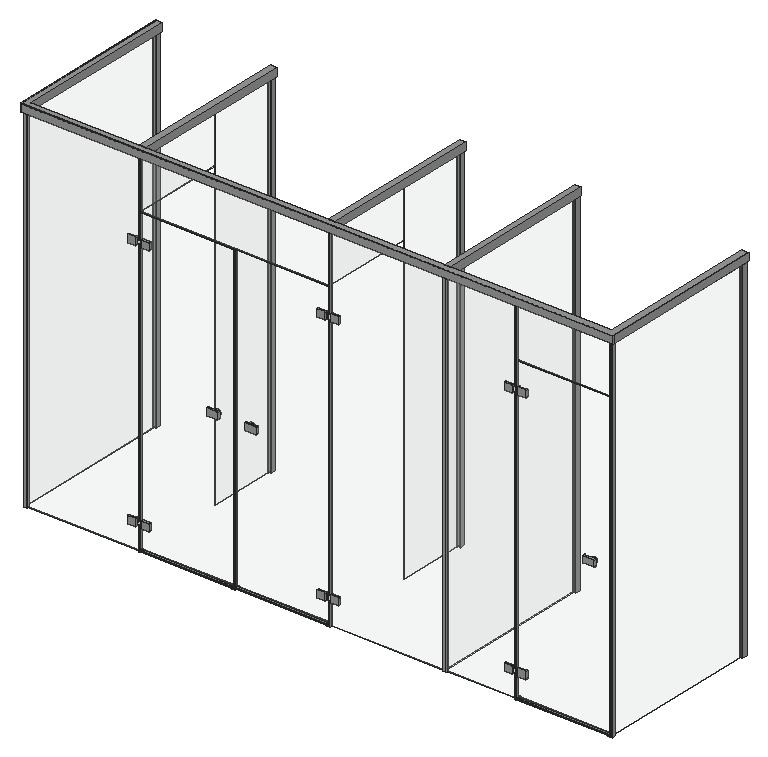
Revit family "Sanitary_Bath-screens_Modular system_Duscholux_SYSTEM210_S21-D2", category Aparatos sanitarios, Revit 2019 (continued)
Automatic sketch dimensions
  Extrusion 33 sketch curve to Extrusion 33 sketch curve = 2.5 mm  (x2)
  Extrusion 33 sketch curve to Extrusion 33 sketch curve = 1.8 mm
  plane 4 "Altura total" to Extrusion 33 sketch curve = 11.1 mm
  Extrusion 36 sketch curve to plane 4 "Altura total" = 2 mm
  plane 1 "Centro (Frontal/Posterior)" to Extrusion 37 sketch curve = 2.35 mm
  Extrusion 37 sketch curve to plane 29 "Eje inicio armario" = 13.347 mm
  plane 11 "Espesor fijos" to Extrusion 37 sketch curve = 0.2 mm  (x2)
  Extrusion 37 sketch curve to Extrusion 37 sketch curve = 0 mm
  plane 1 "Centro (Frontal/Posterior)" to Extrusion 37 sketch curve = 0.2 mm  (x2)
  Extrusion 37 sketch curve to Extrusion 37 sketch curve = 3.5 mm  (x5)
  Extrusion 37 sketch curve to plane 29 "Eje inicio armario" = 6.35 mm
  Extrusion 37 sketch curve to Extrusion 37 sketch curve = 2.15 mm  (x3)
  plane 29 "Eje inicio armario" to Extrusion 37 sketch curve = 4.2 mm
  plane 29 "Eje inicio armario" to Extrusion 37 sketch curve = 9.847 mm
  plane 11 "Espesor fijos" to Extrusion 37 sketch curve = 2.35 mm
  Extrusion 37 sketch curve to Extrusion 37 sketch curve = 3.8 mm
  plane 29 "Eje inicio armario" to Extrusion 38 sketch curve = 9.847 mm
  Extrusion 38 sketch curve to plane 30 "Eje inicio puerta 5" = 6 mm
  plane 11 "Espesor fijos" to Extrusion 39 sketch curve = 0 mm
  plane 1 "Centro (Frontal/Posterior)" to Extrusion 39 sketch curve = 0 mm
  plane 11 "Espesor fijos" to Extrusion 39 sketch curve = 1 mm
  Extrusion 39 sketch curve to plane 30 "Eje inicio puerta 5" = 11 mm
  plane 1 "Centro (Frontal/Posterior)" to Extrusion 39 sketch curve = 1 mm
  Extrusion 39 sketch curve to Extrusion 39 sketch curve = 0 mm  (x3)
  Extrusion 39 sketch curve to plane 23 = 1 mm
  Extrusion 39 sketch curve to Extrusion 39 sketch curve = 1.162 mm
  Extrusion 39 sketch curve to Extrusion 39 sketch curve = 0.209 mm
  Extrusion 39 sketch curve to Extrusion 39 sketch curve = 5 mm
  plane 1 "Centro (Frontal/Posterior)" to Extrusion 39 sketch curve = 0.5 mm
  Extrusion 39 sketch curve to Extrusion 39 sketch curve = 1 mm
  Extrusion 39 sketch curve to plane 30 "Eje inicio puerta 5" = 1.656 mm
  plane 11 "Espesor fijos" to Extrusion 39 sketch curve = 0.5 mm
  Extrusion 39 sketch curve to Extrusion 39 sketch curve = 0.256 mm  (x2)
  plane 11 "Espesor fijos" to Extrusion 40 sketch curve = 0 mm
  plane 1 "Centro (Frontal/Posterior)" to Extrusion 40 sketch curve = 0 mm
  Extrusion 40 sketch curve to plane 30 "Eje inicio puerta 5" = 11 mm
  Extrusion 40 sketch curve to Extrusion 40 sketch curve = 0 mm  (x4)
  Extrusion 40 sketch curve to plane 23 = 1 mm
  Extrusion 40 sketch curve to Extrusion 40 sketch curve = 1.162 mm
  Extrusion 40 sketch curve to Extrusion 40 sketch curve = 0.209 mm
  Extrusion 40 sketch curve to Extrusion 40 sketch curve = 5 mm
  plane 11 "Espesor fijos" to Extrusion 40 sketch curve = 0.5 mm
  Extrusion 40 sketch curve to Extrusion 40 sketch curve = 1 mm  (x2)
  Extrusion 40 sketch curve to plane 30 "Eje inicio puerta 5" = 1.656 mm
  plane 1 "Centro (Frontal/Posterior)" to Extrusion 40 sketch curve = 0.5 mm
  Extrusion 40 sketch curve to Extrusion 40 sketch curve = 0.256 mm  (x2)
  plane 11 "Espesor fijos" to Extrusion 41 sketch curve = 0 mm
  plane 1 "Centro (Frontal/Posterior)" to Extrusion 41 sketch curve = 0 mm
  Extrusion 41 sketch curve to plane 30 "Eje inicio puerta 5" = 11 mm
  Extrusion 41 sketch curve to Extrusion 41 sketch curve = 0 mm  (x4)
  Extrusion 41 sketch curve to plane 23 = 1 mm
  Extrusion 41 sketch curve to Extrusion 41 sketch curve = 1.162 mm
  Extrusion 41 sketch curve to Extrusion 41 sketch curve = 0.209 mm
  Extrusion 41 sketch curve to Extrusion 41 sketch curve = 5 mm
  plane 11 "Espesor fijos" to Extrusion 41 sketch curve = 0.5 mm
  Extrusion 41 sketch curve to Extrusion 41 sketch curve = 1 mm  (x2)
  Extrusion 41 sketch curve to plane 30 "Eje inicio puerta 5" = 1.656 mm
  plane 1 "Centro (Frontal/Posterior)" to Extrusion 41 sketch curve = 0.5 mm
  Extrusion 41 sketch curve to Extrusion 41 sketch curve = 0.256 mm  (x2)
  Extrusion 42 sketch curve to curve 10 = 0 mm  (x2)
  curve 10 to Extrusion 42 sketch curve = 6 mm
  Extrusion 42 sketch curve to curve 10 = 5.3 mm
  Extrusion 43 sketch curve to curve 10 = 0 mm
  Extrusion 43 sketch curve to curve 10 = 0.593 mm
  curve 10 to Extrusion 43 sketch curve = 6.593 mm
  Extrusion 43 sketch curve to curve 10 = 0.7 mm  (x2)
  curve 10 to Extrusion 43 sketch curve = 1.807 mm
  Extrusion 43 sketch curve to Extrusion 43 sketch curve = 3.708 mm  (x2)
  Extrusion 43 sketch curve to Extrusion 43 sketch curve = 0.892 mm
  curve 10 to Extrusion 43 sketch curve = 0.095 mm
  Extrusion 43 sketch curve to Extrusion 43 sketch curve = 1.96 mm  (x2)
  Extrusion 43 sketch curve to curve 10 = 1.547 mm
  Extrusion 43 sketch curve to Extrusion 43 sketch curve = 1 mm  (x2)
  Extrusion 43 sketch curve to curve 10 = 3 mm
  Extrusion 43 sketch curve to Extrusion 43 sketch curve = 3.095 mm
  curve 10 to Extrusion 43 sketch curve = 7.547 mm
  Extrusion 43 sketch curve to Extrusion 43 sketch curve = 1.712 mm
  Extrusion 44 sketch curve to plane 17 = 2.35 mm
  Extrusion 44 sketch curve to plane 17 = 0.2 mm
  plane 18 to Extrusion 44 sketch curve = 0.2 mm
  plane 18 to Extrusion 44 sketch curve = 2.35 mm
  plane 1 "Centro (Frontal/Posterior)" to Extrusion 44 sketch curve = 2.35 mm
  plane 11 "Espesor fijos" to Extrusion 44 sketch curve = 6.15 mm
  Extrusion 44 sketch curve to Extrusion 44 sketch curve = 3.5 mm  (x2)
  plane 1 "Centro (Frontal/Posterior)" to Extrusion 45 sketch curve = 2.35 mm
  Extrusion 45 sketch curve to plane 17 = 9.65 mm  (x2)
  plane 11 "Espesor fijos" to Extrusion 45 sketch curve = 2.35 mm
  plane 1 "Centro (Frontal/Posterior)" to Extrusion 45 sketch curve = 0.2 mm
  Extrusion 45 sketch curve to Extrusion 45 sketch curve = 3.803 mm
  Extrusion 45 sketch curve to plane 17 = 2.35 mm
  plane 11 "Espesor fijos" to Extrusion 45 sketch curve = 0.161 mm
  Extrusion 46 sketch curve to plane 30 "Eje inicio puerta 5" = 0 mm
  Extrusion 46 sketch curve to plane 17 = 5.847 mm
  Extrusion 47 sketch curve to plane 4 "Altura total" = 0 mm
  Extrusion 47 sketch curve to plane 19 "Inicio guía superior" = 0 mm  (x2)
  Extrusion 47 sketch curve to plane 29 "Eje inicio armario" = 20.915 mm
  Extrusion 47 sketch curve to plane 29 "Eje inicio armario" = 4.948 mm
  plane 29 "Eje inicio armario" to Extrusion 47 sketch curve = 6.815 mm
  Extrusion 47 sketch curve to Extrusion 47 sketch curve = 14.1 mm
  Extrusion 47 sketch curve to plane 4 "Altura total" = 11.1 mm
  Extrusion 48 sketch curve to plane 16 "Ancho total" = 0 mm
  Extrusion 48 sketch curve to plane 29 "Eje inicio armario" = 11.5 mm
  Extrusion 48 sketch curve to Extrusion 48 sketch curve = 1.5 mm  (x2)
  Extrusion 48 sketch curve to plane 29 "Eje inicio armario" = 4.3 mm
  plane 29 "Eje inicio armario" to Extrusion 48 sketch curve = 4.3 mm
  Extrusion 48 sketch curve to Extrusion 48 sketch curve = 5.7 mm
  Extrusion 48 sketch curve to plane 16 "Ancho total" = 1.5 mm
  Extrusion 48 sketch curve to Extrusion 48 sketch curve = 19.35 mm
  Extrusion 48 sketch curve to Extrusion 48 sketch curve = 0 mm  (x2)
  Extrusion 48 sketch curve to Extrusion 48 sketch curve = 10.65 mm
  Extrusion 49 sketch curve to plane 29 "Eje inicio armario" = 3.97 mm
  plane 29 "Eje inicio armario" to Extrusion 49 sketch curve = 4 mm
  plane 11 "Espesor fijos" to Extrusion 49 sketch curve = 6.15 mm
  Extrusion 49 sketch curve to plane 16 "Ancho total" = 6.638 mm
  curve 10 to plane 30 "Eje inicio puerta 5" = 0 mm
Nested families
  nested 1: "Hinge (Fixed segment)" at (798, 0, 180) x (1, 0, 0) z (0, -1, 0), type "Hinge (Fixed segment)", detail levels medium+fine
  nested 2: "Hinge (Door)" at (800, 0, 180) x (1, 0, 0) z (0, -1, 0), type "Hinge (Door)", detail levels medium+fine
  nested 3: "Hinge (Fixed segment)" at (798, 0, 1920) x (1, 0, 0) z (0, -1, 0), type "Hinge (Fixed segment)", detail levels medium+fine
  nested 4: "Lower- Guide" at (800, 2.737, 8), type "Lower-Guide", detail levels fine
    with built-in parameter 1001306 2.1087 (stored number, unit not read)
  nested 5: "Hinge (Door)" at (800, 0, 1920) x (1, 0, 0) z (0, -1, 0), type "Hinge (Door)", detail levels medium+fine
  nested 6: "Hinge (Door)" at (2100, 0, 180) x (-1, 0, 0) z (0, -1, 0), type "Hinge (Door)", detail levels medium+fine
  nested 7: "Hinge (Door)" at (2100, 0, 1920) x (-1, 0, 0) z (0, -1, 0), type "Hinge (Door)", detail levels medium+fine
  nested 8: "Hinge (Fixed segment)" at (2102, 0, 180) x (-1, 0, 0) z (0, -1, 0), type "Hinge (Fixed segment)", detail levels medium+fine
  nested 9: "Hinge (Fixed segment)" at (2102, 0, 1920) x (-1, 0, 0) z (0, -1, 0), type "Hinge (Fixed segment)", detail levels medium+fine
  nested 10: "Lower- Guide" at (1457.26, 2.717, 8), type "Lower-Guide", detail levels fine
    with built-in parameter 1001306 2.1087 (stored number, unit not read)
  nested 11: "Handle-D4" at (1331.771, 0, 1050) x (1, 0, 0) z (0, -1, 0), Handle Material <- "Handle Material", type "Handle-D4", detail levels fine
    with Handle Material Anodized Aluminium_Duscholux Material-Black Finish
  nested 12: "Handle-D4" at (1568.693, 0, 1050) x (-1, 0, 0) z (0, -1, 0), Handle Material <- "Handle Material", type "Handle-D4", detail levels fine
    with Handle Material Anodized Aluminium_Duscholux Material-Black Finish
  nested 13: "Hinge (Fixed segment)" at (3398, 0, 180) x (1, 0, 0) z (0, -1, 0), type "Hinge (Fixed segment)", detail levels medium+fine
  nested 14: "Hinge (Fixed segment)" at (3398, 0, 1920) x (1, 0, 0) z (0, -1, 0), type "Hinge (Fixed segment)", detail levels medium+fine
  nested 15: "Hinge (Door)" at (3400, 0, 180) x (1, 0, 0) z (0, -1, 0), type "Hinge (Door)", detail levels medium+fine
  nested 16: "Lower- Guide" at (3400, 2.737, 8), type "Lower-Guide"
    with built-in parameter 1001306 2.1087 (stored number, unit not read)
  nested 17: "Hinge (Door)" at (3400, 0, 1920) x (1, 0, 0) z (0, -1, 0), type "Hinge (Door)", detail levels medium+fine
  nested 18: "Handle-D4" at (3931.771, 0, 1050) x (1, 0, 0) z (0, -1, 0), Handle Material <- "Handle Material", type "Handle-D4", detail levels fine
    with Handle Material Anodized Aluminium_Duscholux Material-Black Finish
Definition of nested family "Hinge (Fixed segment)"
  Parameters (values of type "Hinge (Fixed segment)")
    Handle Material = none
    Default Elevation = 1219.2 mm
  Reference planes
    plane 1 "Centro (Frontal/Posterior)": y = 0
    plane 2: z = 0
    plane 3 "Centro (Izquierda/Derecha)": x = 0
    plane 4: y = 17.5
    plane 5: y = -17.5
    plane 6: x = 43.993
    plane 7: x = -48.793
    plane 8: x = -76.543
    plane 9: x = -21.043
    plane 10: y = 26
    plane 11: y = -26
    plane 12: x = -73.243
    plane 13: x = -24.343
    plane 14: y = 22.7
    plane 15: y = -22.7
    plane 16: z = 11
  Forms (mm)
    Extrusion 1, solid
      sketch origin (0, 0, 0) x (1, 0, 0) y (0, 1, 0)
        loop
          line (-1219.2, 1219.2) -> (-1219.2, -1219.2) -> (1219.2, -1219.2) -> (1219.2, 1219.2) -> (-1219.2, 1219.2)
      from 0 to -304.8
    Extrusion 2, solid
      sketch origin (0, 0, 0) x (1, 0, 0) y (0, 1, 0)
        loop
          line (0, -9.5) -> (0, 9.5) -> (-4, 9.5) -> (-4, -9.5) -> (0, -9.5)
      from 0 to 4
    Extrusion 3, solid
      sketch origin (0, 0, 0) x (1, 0, 0) y (0, 0, 1)
        loop
          line (0, 4) -> (0, 0) -> (8, 0)
          arc (8, 0) -> (6.828, 2.828) -> (4, 4) r 4
          line (4, 4) -> (0, 4)
      from -9.5 to 9.5
    Extrusion 4, solid, material <- "Handle Material"
      sketch origin (0, 0, 0) x (1, 0, 0) y (0, 1, 0)
        loop
          arc (-73.243, 26) -> (-75.577, 25.033) -> (-76.543, 22.7) r 3.3
          line (-76.543, 22.7) -> (-76.543, -22.7)
          arc (-76.543, -22.7) -> (-75.577, -25.033) -> (-73.243, -26) r 3.3
          line (-73.243, -26) -> (-24.343, -26)
          arc (-24.343, -26) -> (-22.01, -25.033) -> (-21.043, -22.7) r 3.3
          line (-21.043, -22.7) -> (-21.043, 22.7)
          arc (-21.043, 22.7) -> (-22.01, 25.033) -> (-24.343, 26) r 3.3
          line (-24.343, 26) -> (-73.243, 26)
      from 0 to 11
    Extrusion 5, solid
      sketch origin (0, 0, 0) x (1, 0, 0) y (0, 1, 0)
        loop
          line (-21.043, 17.5) -> (-21.043, -17.5) -> (-4, -17.5) -> (-4, 17.5) -> (-21.043, 17.5)
      from 0 to 4
  Cuts and joins
    joined: Extrusion 2, Extrusion 3, Extrusion 5
  Dimensions and locks
    aligned and locked: plane 2 to Extrusion 1
    aligned and locked: level to Extrusion 1
    aligned and locked: Extrusion 3 to cut or joined group of Extrusion 2, Extrusion 3, Extrusion 5
    aligned and locked: cut or joined group of Extrusion 2, Extrusion 3, Extrusion 5 to Extrusion 3
    aligned and locked: plane 16 to Extrusion 4
    aligned and locked: Extrusion 4 to plane 2
    aligned and locked: cut or joined group of Extrusion 2, Extrusion 3, Extrusion 5 to Extrusion 5
    aligned and locked: plane 2 to Extrusion 5
Definition of nested family "Hinge (Door)"
  Parameters (values of type "Hinge (Door)")
    Handle Material = none
    Default Elevation = 1219.2 mm
  Reference planes
    plane 1 "Centro (Frontal/Posterior)": y = 0
    plane 2: z = 0
    plane 3 "Centro (Izquierda/Derecha)": x = 0
    plane 4: y = 17.5
    plane 5: y = -17.5
    plane 6: x = 43.993
    plane 7: x = 71.743
    plane 8: x = 16.243
    plane 9: z = 11
    plane 10: y = 26
    plane 11: y = -26
    plane 12: z = 4
  Forms (mm)
    Extrusion 1, solid
      sketch origin (0, 0, 0) x (1, 0, 0) y (0, 1, 0)
        loop
          line (-1219.2, 1219.2) -> (-1219.2, -1219.2) -> (1219.2, -1219.2) -> (1219.2, 1219.2) -> (-1219.2, 1219.2)
      from 0 to -304.8
    Extrusion 2, void
      sketch origin (0, 0, 0) x (1, 0, 0) y (0, 0, 1)
        loop
          arc (0, 0) -> (1.172, 2.828) -> (4, 4) r 4
          line (4, 4) -> (0, 4) -> (0, 0)
      from 9.5 to 17.5
    Extrusion 3, void
      sketch origin (0, 0, 0) x (1, 0, 0) y (0, 0, 1)
        loop
          arc (0, 0) -> (1.172, 2.828) -> (4, 4) r 4
          line (4, 4) -> (0, 4) -> (0, 0)
      from -17.5 to -9.5
    Extrusion 4, solid, material <- "Handle Material"
      sketch origin (0, 0, 0) x (1, 0, 0) y (0, 1, 0)
        loop
          arc (71.743, 22.7) -> (70.777, 25.033) -> (68.443, 26) r 3.3
          line (68.443, 26) -> (19.543, 26)
          arc (19.543, 26) -> (17.21, 25.033) -> (16.243, 22.7) r 3.3
          line (16.243, 22.7) -> (16.243, -22.7)
          arc (16.243, -22.7) -> (17.21, -25.033) -> (19.543, -26) r 3.3
          line (19.543, -26) -> (68.443, -26)
          arc (68.443, -26) -> (70.777, -25.033) -> (71.743, -22.7) r 3.3
          line (71.743, -22.7) -> (71.743, 22.7)
      from 0 to 11
    Extrusion 5, solid
      sketch origin (0, 0, 0) x (1, 0, 0) y (0, 1, 0)
        loop
          line (0, 17.5) -> (0, 9.5) -> (13.5, 9.5) -> (13.5, -9.5) -> (0, -9.5) -> (0, -17.5) -> (16.243, -17.5) -> (16.243, 17.5) -> (0, 17.5)
      from 0 to 4
  Cuts and joins
    Extrusion 2, Extrusion 3 cuts Extrusion 5
  Dimensions and locks
    locked: plane 9 to plane 2 at 11
    aligned and locked: plane 2 to Extrusion 1
    aligned and locked: level to Extrusion 1
    aligned and locked: plane 4 to Extrusion 3
    aligned and locked: plane 9 to Extrusion 4
    aligned and locked: Extrusion 4 to plane 2
    aligned and locked: plane 12 to Extrusion 5
    aligned and locked: Extrusion 5 to plane 2
Definition of nested family "Lower- Guide"
  Parameters (values of type "Lower-Guide")
    built-in parameter 1001306 [instance] = 800 mm
  Reference planes
    plane 1 "Centro (Frontal/Posterior)": y = 0
    plane 2: z = 0
    plane 3 "Izquierda": x = 0
    plane 4 "Derecha": x = 800
    plane 5: z = 0
  Forms (mm)
    Extrusion 1, solid
      sketch origin (0, 0, 0) x (0, 1, 0) y (0, 0, 1)
        loop
          line (-4.2, 0) -> (-3, 12) -> (-4.5, 12) -> (-5.692, 0.15)
          arc (-5.692, 0.15) -> (-5.345, -0.968) -> (-4.3, -1.497) r 1.5
          line (-4.3, -1.497) -> (-4.3, -5.874)
          arc (-4.3, -5.874) -> (-3.9, -6.274) -> (-3.5, -5.874) r 0.4
          line (-3.5, -5.874) -> (-3.5, -1.5) -> (3.5, -1.5) -> (3.5, -7.653)
          arc (3.5, -7.653) -> (3.9, -8.053) -> (4.3, -7.653) r 0.4
          line (4.3, -7.653) -> (4.3, -1.508) -> (5.754, -1.508) -> (11.976, -3.947)
          arc (11.976, -3.947) -> (12.62, -3.771) -> (12.515, -3.111) r 0.5
          line (12.515, -3.111) -> (9.056, -1.58)
          arc (9.056, -1.58) -> (6.398, 0.585) -> (5.211, 3.802) r 6.5
          line (5.211, 3.802) -> (4.5, 12) -> (3, 12) -> (4.2, 0) -> (-4.2, 0)
      from 0 to 800
  Lines and regions (mm)
    reference lines
      curve 1: line (0, 0, 0) -> (800, 0, 0)
  Dimensions and locks
    "built-in parameter 1001306": plane 3 "Izquierda" to plane 4 "Derecha"
    aligned and locked: plane 4 "Derecha" to curve 1
    aligned and locked: plane 1 "Centro (Frontal/Posterior)" to curve 1
    aligned and locked: plane 3 "Izquierda" to curve 1
    aligned and locked: level to plane 2
    aligned and locked: plane 4 "Derecha" to Extrusion 1
  Automatic sketch dimensions
    Extrusion 1 sketch curve to level = 0 mm  (x2)
    Extrusion 1 sketch curve to Extrusion 1 sketch curve = 0.4 mm  (x3)
    Extrusion 1 sketch curve to Extrusion 1 sketch curve = 0 mm  (x2)
    Extrusion 1 sketch curve to Extrusion 1 sketch curve = 1.5 mm  (x2)
    Extrusion 1 sketch curve to Extrusion 1 sketch curve = 1.454 mm
    Extrusion 1 sketch curve to level = 1.58 mm
    Extrusion 1 sketch curve to Extrusion 1 sketch curve = 3.301 mm
    level to Extrusion 1 sketch curve = 4.364 mm
    Extrusion 1 sketch curve to Extrusion 1 sketch curve = 2.632 mm
    Extrusion 1 sketch curve to level = 3.947 mm
    Extrusion 1 sketch curve to Extrusion 1 sketch curve = 2.921 mm
    Extrusion 1 sketch curve to Extrusion 1 sketch curve = 0.224 mm
    Extrusion 1 sketch curve to level = 3.111 mm
    Extrusion 1 sketch curve to Extrusion 1 sketch curve = 0.315 mm
    Extrusion 1 sketch curve to level = 5.874 mm
    Extrusion 1 sketch curve to Extrusion 1 sketch curve = 1.778 mm
    Extrusion 1 sketch curve to level = 1.508 mm
    Extrusion 1 sketch curve to level = 1.5 mm
    Extrusion 1 sketch curve to Extrusion 1 sketch curve = 0.003 mm
    level to Extrusion 1 sketch curve = 12 mm
    level to Extrusion 1 sketch curve = 0.15 mm
    plane 1 "Centro (Frontal/Posterior)" to Extrusion 1 sketch curve = 3 mm
    plane 1 "Centro (Frontal/Posterior)" to Extrusion 1 sketch curve = 3.5 mm
    Extrusion 1 sketch curve to Extrusion 1 sketch curve = 0.1 mm  (x2)
    Extrusion 1 sketch curve to plane 1 "Centro (Frontal/Posterior)" = 3 mm
    Extrusion 1 sketch curve to plane 1 "Centro (Frontal/Posterior)" = 3.5 mm
    Extrusion 1 sketch curve to Extrusion 1 sketch curve = 0.799 mm
    level to Extrusion 1 sketch curve = 3.802 mm
Definition of nested family "Handle-D4"
  Parameters (values of type "Handle-D4")
    Handle Visibility = yes
    Handle Material [instance] = none
    Default Elevation = 1219.2 mm
  Reference planes
    plane 1 "Centro (Frontal/Posterior)": y = 0
    plane 2: z = 0
    plane 3 "Centro (Izquierda/Derecha)": x = 0
    plane 4: z = 17
    plane 5: x = 26.33
    plane 6: x = -56.3
    plane 7: y = 25.94
    plane 8: y = -26.74
    plane 9: y = 18.94
    plane 10: x = 19.33
    plane 11: x = -49.3
    plane 12: y = -19.74
    plane 13: z = 27.017
  Forms (mm)
    Extrusion 1, solid
      sketch origin (0, 0, 0) x (1, 0, 0) y (0, 1, 0)
        loop
          line (-1219.2, 1219.2) -> (-1219.2, -1219.2) -> (1219.2, -1219.2) -> (1219.2, 1219.2) -> (-1219.2, 1219.2)
      from 0 to -304.8
    Blend 2, solid, material <- "Handle Material", visible <- "Handle Visibility"
      base sketch origin (0, 0, 0) x (1, 0, 0) y (0, 1, 0)
        loop
          circle (0, 0) r 22.026
      top sketch origin (0, 0, 0) x (1, 0, 0) y (0, 1, 0)
        loop
          circle (0, 0) r 23.473
      from 0 to 17
    Blend 3, solid, material <- "Handle Material", visible <- "Handle Visibility"
      base sketch origin (0, 0, 0) x (1, 0, 0) y (0, 1, 0)
        loop
          arc (-49.3, 25.94) -> (-54.25, 23.89) -> (-56.3, 18.94) r 7
          line (-56.3, 18.94) -> (-56.3, -19.74)
          arc (-56.3, -19.74) -> (-54.25, -24.69) -> (-49.3, -26.74) r 7
          line (-49.3, -26.74) -> (19.325, -26.74)
          arc (19.325, -26.74) -> (24.275, -24.69) -> (26.325, -19.74) r 7
          line (26.325, -19.74) -> (26.325, 18.94)
          arc (26.325, 18.94) -> (24.275, 23.89) -> (19.325, 25.94) r 7
          line (19.325, 25.94) -> (-49.3, 25.94)
      top sketch origin (0, 0, 0) x (1, 0, 0) y (0, 1, 0)
        loop
          line (19.325, 23.84) -> (-49.3, 23.84)
          arc (-49.3, 23.84) -> (-52.765, 22.405) -> (-54.2, 18.94) r 4.9
          line (-54.2, 18.94) -> (-54.2, -19.74)
          arc (-54.2, -19.74) -> (-52.765, -23.205) -> (-49.3, -24.64) r 4.9
          line (-49.3, -24.64) -> (19.325, -24.64)
          arc (19.325, -24.64) -> (22.79, -23.205) -> (24.225, -19.74) r 4.9
          line (24.225, -19.74) -> (24.225, 18.94)
          arc (24.225, 18.94) -> (22.79, 22.405) -> (19.325, 23.84) r 4.9
      from 17 to 27.017
  Cuts and joins
    joined: Blend 2, Blend 3
  Dimensions and locks
    aligned and locked: plane 2 to Extrusion 1
    aligned and locked: level to Extrusion 1
    aligned and locked: plane 4 to Blend 2
    aligned and locked: Blend 3 to plane 4
    aligned and locked: plane 13 to Blend 3
Types (22, lengths in mm): name | Uper profile guide | Handle Material | Frame Material | Accesories Material
  (no name) | Anodized Aluminium_Duscholux Material-Black Finish | Anodized Aluminium_Duscholux Material-Black Finish | Anodized Aluminium_Duscholux Material-Black Finish | Anodized Aluminium_Duscholux Material-Black Finish
  Black Aluminium Finish | Anodized Aluminium_Duscholux Material-Black Finish | Anodized Aluminium_Duscholux Material-Black Finish | Anodized Aluminium_Duscholux Material-Black Finish | Anodized Aluminium_Duscholux Material-Black Finish
  Black Aluminium Finish Superior guide Concrete PanElle | PanElle Concrete_Duscholux Material | Anodized Aluminium_Duscholux Material-Black Finish | Anodized Aluminium_Duscholux Material-Black Finish | Anodized Aluminium_Duscholux Material-Black Finish
  Black Aluminium Finish Superior guide Basalt gray PanElle | PanElle Basalt Gray_Duscholux Material | Anodized Aluminium_Duscholux Material-Black Finish | Anodized Aluminium_Duscholux Material-Black Finish | Anodized Aluminium_Duscholux Material-Black Finish
  Black Aluminium Finish Superior guide Metal gray PanElle | PanElle Metal Gray_Duscholux Material | Anodized Aluminium_Duscholux Material-Black Finish | Anodized Aluminium_Duscholux Material-Black Finish | Anodized Aluminium_Duscholux Material-Black Finish
  Black Aluminium Finish Superior guide White PanElle | PanElle White_Duscholux Material | Anodized Aluminium_Duscholux Material-Black Finish | Anodized Aluminium_Duscholux Material-Black Finish | Anodized Aluminium_Duscholux Material-Black Finish
  Black Aluminium Finish Superior guide Quartz PanElle | PanElle Quartz_DuscholuxMaterial | Anodized Aluminium_Duscholux Material-Black Finish | Anodized Aluminium_Duscholux Material-Black Finish | Anodized Aluminium_Duscholux Material-Black Finish
  Black Aluminium Finish Superior guide Graphite PanElle | PanElle Graphite_DuscholuxMaterial | Anodized Aluminium_Duscholux Material-Black Finish | Anodized Aluminium_Duscholux Material-Black Finish | Anodized Aluminium_Duscholux Material-Black Finish
  Platinum Aluminium Finish | Anodized Aluminium_Duscholux Material-Platinum Finish | Anodized Aluminium_Duscholux Material-Platinum Finish | Anodized Aluminium_Duscholux Material-Platinum Finish | Anodized Aluminium_Duscholux Material-Platinum Finish
  Platinum Aluminium Finish Superior guide Basalt gray PanElle | PanElle Basalt Gray_Duscholux Material | Anodized Aluminium_Duscholux Material-Platinum Finish | Anodized Aluminium_Duscholux Material-Platinum Finish | Anodized Aluminium_Duscholux Material-Platinum Finish
  Platinum Aluminium Finish Superior guide Metal gray PanElle | PanElle Metal Gray_Duscholux Material | Anodized Aluminium_Duscholux Material-Platinum Finish | Anodized Aluminium_Duscholux Material-Platinum Finish | Anodized Aluminium_Duscholux Material-Platinum Finish
  Platinum Aluminium Finish Superior guide Concrete PanElle | PanElle Concrete_Duscholux Material | Anodized Aluminium_Duscholux Material-Platinum Finish | Anodized Aluminium_Duscholux Material-Platinum Finish | Anodized Aluminium_Duscholux Material-Platinum Finish
  Platinum Aluminium Finish Superior guide Graphite PanElle | PanElle Graphite_DuscholuxMaterial | Anodized Aluminium_Duscholux Material-Platinum Finish | Anodized Aluminium_Duscholux Material-Platinum Finish | Anodized Aluminium_Duscholux Material-Platinum Finish
  Platinum Aluminium Finish Superior guide Quartz PanElle | PanElle Quartz_DuscholuxMaterial | Anodized Aluminium_Duscholux Material-Platinum Finish | Anodized Aluminium_Duscholux Material-Platinum Finish | Anodized Aluminium_Duscholux Material-Platinum Finish
  Platinum Aluminium Finish Superior guide White PanElle | PanElle White_Duscholux Material | Anodized Aluminium_Duscholux Material-Platinum Finish | Anodized Aluminium_Duscholux Material-Platinum Finish | Anodized Aluminium_Duscholux Material-Platinum Finish
  Matte Silver Aluminium Finish | Anodized Aluminium_Duscholux Material-Matte Silver Finish | Anodized Aluminium_Duscholux Material-Matte Silver Finish | Anodized Aluminium_Duscholux Material-Matte Silver Finish | Anodized Aluminium_Duscholux Material-Matte Silver Finish
  Matte Silver Aluminium Finish Superior guide Basalt gray PanElle | PanElle Basalt Gray_Duscholux Material | Anodized Aluminium_Duscholux Material-Matte Silver Finish | Anodized Aluminium_Duscholux Material-Matte Silver Finish | Anodized Aluminium_Duscholux Material-Matte Silver Finish
  Matte Silver Aluminium Finish Superior guide Metal gray PanElle | PanElle Metal Gray_Duscholux Material | Anodized Aluminium_Duscholux Material-Matte Silver Finish | Anodized Aluminium_Duscholux Material-Matte Silver Finish | Anodized Aluminium_Duscholux Material-Matte Silver Finish
  Matte Silver Aluminium Finish Superior guide Concrete PanElle | PanElle Concrete_Duscholux Material | Anodized Aluminium_Duscholux Material-Matte Silver Finish | Anodized Aluminium_Duscholux Material-Matte Silver Finish | Anodized Aluminium_Duscholux Material-Matte Silver Finish
  Matte Silver Aluminium Finish Superior guide Graphite PanElle | PanElle Graphite_DuscholuxMaterial | Anodized Aluminium_Duscholux Material-Matte Silver Finish | Anodized Aluminium_Duscholux Material-Matte Silver Finish | Anodized Aluminium_Duscholux Material-Matte Silver Finish
  Matte Silver Aluminium Finish Superior guide Quartz PanElle | PanElle Quartz_DuscholuxMaterial | Anodized Aluminium_Duscholux Material-Matte Silver Finish | Anodized Aluminium_Duscholux Material-Matte Silver Finish | Anodized Aluminium_Duscholux Material-Matte Silver Finish
  Matte Silver Aluminium Finish Superior guide White PanElle | PanElle White_Duscholux Material | Anodized Aluminium_Duscholux Material-Matte Silver Finish | Anodized Aluminium_Duscholux Material-Matte Silver Finish | Anodized Aluminium_Duscholux Material-Matte Silver Finish
